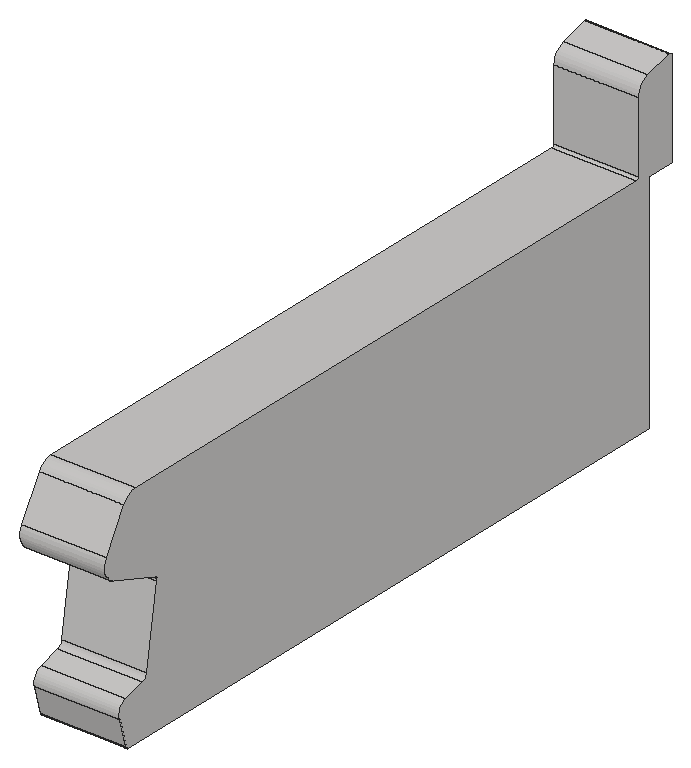
Revit family "QF_CAPIC_CELTIC_W380601", category Equipement spécialisé, Revit 2018
Family settings
  Cote de connecteur circulaire = Utiliser le diamètre
  Type d'élément = Normal
  Numéro OmniClass = 23.40.40.14
  Titre OmniClass = Food Service Equipment
  Basée sur le plan de construction = Non
  Toujours verticalement = Oui
  Couper avec des vides une fois chargée = Non
  Partagée = Non
  Point de calcul de pièce = Non
Parameters (values of type "100 x 835 x 270 mm")
  URL catalogue = "http://www.capic-fr.com/fr/"
  Type de Raccord Plomberie [instance] = ""
  Type de Raccord Electrique [instance] = ""
  Type de Gaz = ""
  Type article [instance] = ""
  Tension = 0 V
  Spécification du Fabricant = ""
  Show Logo [instance] = yes
  Remarques evacuation [instance] = ""
  Remarques Plomberie [instance] = ""
  Remarques Electricité [instance] = ""
  Puissance électrique  = 0 W
  Puissance Gaz kW = 0
  Profondeur hors tout = 835 mm
  Pression Maximum Eau Adoucie = 0.0 Pa
  Poids net à vide = 10.00 kg
  Phase = 0
  Modèle = "W380601"
  Longueur hors tout = 100 mm
  Intensité nominale = 0 A
  Hauteur hors tout = 385 mm
  Hauteur de Raccordement du Sol Finis = 0 mm
  Hauteur de Raccordement Gaz du Sol Finis = 0 mm
  Hauteur de Raccordement Evacuation Directe du Sol Finis = 0 mm
  Hauteur de Raccordement Eau Froide du Sol Finis = 0 mm
  Hauteur de Raccordement Eau Chaude du Sol Finis = 0 mm
  Hauteur de Raccordement Eau Adoucie du Sol Finis = 0 mm
  Fréquence = 0 Hz
  Fabricant = "CAPIC"
  Débit d'air d'extraction = 0.0 m³/h
  Débit Gaz = 0.0 L/s
  Débit Eau Froide = 0.0 L/s
  Débit Eau Chaude = 0.0 L/s
  Débit Eau Adoucie = 0.0 L/s
  Diamètre de Raccordement Gaz = 0 mm
  Diamètre de Raccordement Evacuation = 0 mm
  Diamètre de Raccordement Eau Froide = 0 mm
  Diamètre de Raccordement Eau Chaude = 0 mm
  Diamètre de Raccordement Eau Adoucie = 0 mm
  Description = "Plan neutre dessus seul"
  Assembly Code = ""
  Classification  Omniclass nombre et titre = "23.40.40.14"
Reference planes
  plane 1 "Centre (avant/arrière)": y = 0
  plane 2: z = 0
  plane 3 "Centre (gauche/droite)": x = 0
  plane 4: x = 100
  plane 5: y = -89
Forms (mm)
  Extrusion 1, solid, material "QF_Stainless Steel-Brushed"
    sketch origin (0, 0, 0) x (0, 1, 0) y (0, 0, 1)
      loop
        line (-122, 897) -> (-89, 897) -> (-89, 1011.429)
        arc (-89, 1011.429) -> (-89.782, 1013.016) -> (-91.518, 1013.361) r 2
        line (-91.518, 1013.361) -> (-123.288, 1004.848)
        arc (-123.288, 1004.848) -> (-133.177, 998.24) -> (-137, 986.978) r 18.5
        line (-137, 986.978) -> (-137, 903)
        arc (-137, 903) -> (-137.879, 900.879) -> (-140, 900) r 3
        line (-140, 900) -> (-879.289, 900)
        arc (-879.289, 900) -> (-889.289, 897.321) -> (-896.61, 890) r 20
        line (-896.61, 890) -> (-922.551, 845.067)
        arc (-922.551, 845.067) -> (-924.025, 828.227) -> (-912.071, 816.274) r 20
        line (-912.071, 816.274) -> (-852.584, 794.622)
        arc (-852.584, 794.622) -> (-849.467, 792.029) -> (-848.71, 788.045) r 6
        line (-848.71, 788.045) -> (-863.004, 697.797)
        arc (-863.004, 697.797) -> (-865.152, 693.242) -> (-869.412, 690.554) r 9
        line (-869.412, 690.554) -> (-893.968, 683.511)
        arc (-893.968, 683.511) -> (-902.687, 676.541) -> (-903.87, 665.441) r 14.5
        line (-903.87, 665.441) -> (-894.201, 632.915)
        arc (-894.201, 632.915) -> (-892.759, 630.848) -> (-890.367, 630.054) r 4
        line (-890.367, 630.054) -> (-122, 630.054) -> (-122, 897)
    from 0 to 100
Dimensions and locks
  "Longueur hors tout": plane 3 "Centre (gauche/droite)" to plane 4
  aligned and locked: level to plane 2
  aligned and locked: plane 4 to Extrusion 1
Automatic sketch dimensions
  plane 1 "Centre (avant/arrière)" to Extrusion 1 sketch curve = 89 mm
  plane 1 "Centre (avant/arrière)" to Extrusion 1 sketch curve = 91 mm
  Extrusion 1 sketch curve to Extrusion 1 sketch curve = 0.518 mm
  plane 1 "Centre (avant/arrière)" to Extrusion 1 sketch curve = 122 mm
  plane 1 "Centre (avant/arrière)" to Extrusion 1 sketch curve = 118.5 mm
  Extrusion 1 sketch curve to Extrusion 1 sketch curve = 4.788 mm
  Extrusion 1 sketch curve to Extrusion 1 sketch curve = 18.5 mm
  Extrusion 1 sketch curve to Extrusion 1 sketch curve = 3 mm
  Extrusion 1 sketch curve to Extrusion 1 sketch curve = 3.874 mm
  Extrusion 1 sketch curve to Extrusion 1 sketch curve = 2.052 mm
  Extrusion 1 sketch curve to Extrusion 1 sketch curve = 14.294 mm
  Extrusion 1 sketch curve to Extrusion 1 sketch curve = 6.408 mm
  Extrusion 1 sketch curve to Extrusion 1 sketch curve = 8.889 mm
  Extrusion 1 sketch curve to Extrusion 1 sketch curve = 26.705 mm
  Extrusion 1 sketch curve to Extrusion 1 sketch curve = 20.559 mm
  Extrusion 1 sketch curve to Extrusion 1 sketch curve = 0.396 mm
  Extrusion 1 sketch curve to Extrusion 1 sketch curve = 3.998 mm
  Extrusion 1 sketch curve to Extrusion 1 sketch curve = 3.834 mm
  Extrusion 1 sketch curve to Extrusion 1 sketch curve = 17.321 mm  (x2)
  Extrusion 1 sketch curve to Extrusion 1 sketch curve = 13.899 mm
  Extrusion 1 sketch curve to Extrusion 1 sketch curve = 25.942 mm
  Extrusion 1 sketch curve to Extrusion 1 sketch curve = 6.84 mm
  level to Extrusion 1 sketch curve = 630.054 mm
  Extrusion 1 sketch curve to Extrusion 1 sketch curve = 2.86 mm
  Extrusion 1 sketch curve to Extrusion 1 sketch curve = 32.526 mm
  Extrusion 1 sketch curve to Extrusion 1 sketch curve = 4.131 mm
  Extrusion 1 sketch curve to Extrusion 1 sketch curve = 7.043 mm
  Extrusion 1 sketch curve to Extrusion 1 sketch curve = 7.243 mm
  Extrusion 1 sketch curve to Extrusion 1 sketch curve = 90.248 mm
  Extrusion 1 sketch curve to Extrusion 1 sketch curve = 0.939 mm
  Extrusion 1 sketch curve to Extrusion 1 sketch curve = 21.652 mm
  Extrusion 1 sketch curve to Extrusion 1 sketch curve = 18.794 mm
  Extrusion 1 sketch curve to Extrusion 1 sketch curve = 44.933 mm
  Extrusion 1 sketch curve to Extrusion 1 sketch curve = 10 mm
  Extrusion 1 sketch curve to Extrusion 1 sketch curve = 6 mm
  Extrusion 1 sketch curve to Extrusion 1 sketch curve = 83.978 mm
  Extrusion 1 sketch curve to Extrusion 1 sketch curve = 6.581 mm
  Extrusion 1 sketch curve to Extrusion 1 sketch curve = 708.71 mm
